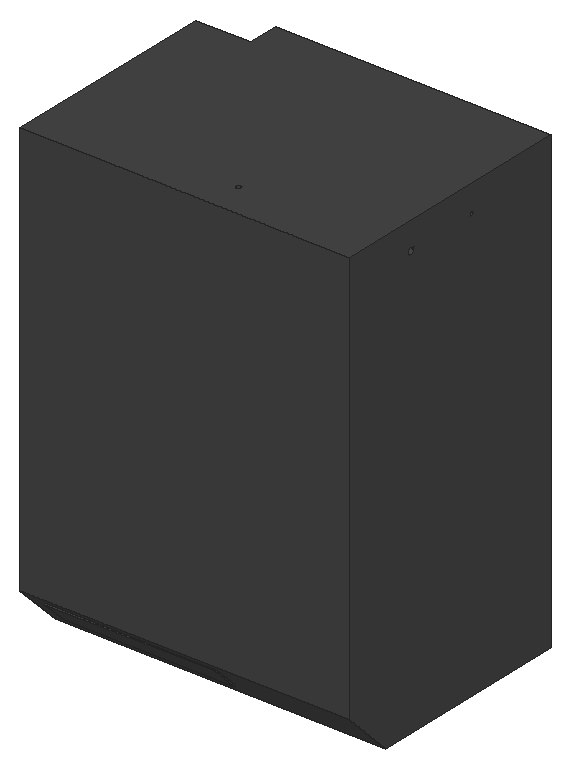
Revit family "SP4250_REVIT", category Mechanical Equipment, Revit 2014
Parameters (values of type "Standard")
  d185 = 0' - 0"
  d179 = 2' - 8.9706"
  d177 = 0' - 5 1/2"
  d175 = 0' - 0 1/2"
  d173 = 0' - 0 1/2"
  d171 = 0' - 0 1/2"
  d169 = 0' - 0 1/2"
  d167 = 0' - 0 1/2"
  d165 = 0' - 1.45"
  d163 = 0' - 1.45"
  d161 = 0' - 0 1/2"
  d159 = 0' - 0 1/2"
  d157 = 0' - 0 1/2"
  d155 = 0' - 0 1/2"
  URL = "www.neptronic.com"
  Part Number = "SP4250_REVIT"
  Model = "SK370, SK380, SK390"
  Manufacturer = "Neptronic"
  Designer = "Antoine"
  Design Status = 1
  Description = "Electric Resistive Humidifier"
  Date Created = "2014-06-26 09:19:14"
  Connector_18_Diameter = 0' - 0"
  Connector_17_Diameter = 0' - 0"
  Connector_16_Diameter = 0' - 0"
  Connector_15_Diameter = 0' - 0"
  Connector_14_Diameter = 0' - 0"
  Connector_11_Diameter = 0' - 0"
  Connector_10_Diameter = 0' - 0"
  Author = "Antoine"
Reference planes (in)
  plane 1 "Center (Front/Back)": y = 0
  plane 2: z = 0
  plane 3 "Center (Left/Right)": x = 0
  plane 4: x = -19.2353
  plane 5: x = 13.7353
  plane 6: x = -19.2353
  plane 7: x = -13.7353
  plane 8: x = 13.7353
  plane 9: x = 13.2353
  plane 10: x = 13.7353
  plane 11: x = 13.2353
  plane 12: z = 0.058
  plane 13: z = -0.442
  plane 14: x = -19.2353
  plane 15: x = -18.7353
  plane 16: x = -19.2353
  plane 17: x = -18.7353
  plane 18: y = 8.75955
  plane 19: y = 10.20955
  plane 20: y = 8.75955
  plane 21: y = 10.20955
  plane 22: y = 8.75955
  plane 23: y = 8.25955
  plane 24: y = 8.75955
  plane 25: y = 8.25955
  plane 26: z = -45.8412
  plane 27: z = -45.3412
  plane 28: z = -45.8412
  plane 29: z = -45.3412
Forms (in)
  Extrusion 1, solid
    sketch origin (-19.2353, 0, 0) x (0, -1, 0) y (0, 0, 1)
      loop
        line (8.68454, -45.8412) -> (13.18454, -41.3412) -> (13.18454, 0.058) -> (-11.8229, 0.058) -> (-11.8229, -45.8412) -> (8.68454, -45.8412)
    from 0 to -32.9706
  Extrusion 2, void
    sketch origin (-19.2353, 0, 0) x (0, -1, 0) y (0, 0, 1)
      loop
        line (-8.75955, 0.058) -> (-11.8229, 0.058) -> (-11.8229, -45.8412) -> (-8.75955, -45.8412) -> (-8.75955, 0.058)
    from 0 to -5.5
  Extrusion 3, void
    sketch origin (13.7353, 0, 0) x (0, -1, 0) y (0, 0, -1)
      loop
        circle (5.6021, 2.6972) r 0.375
    from 0 to -0.5
  Extrusion 4, void
    sketch origin (13.7353, 0, 0) x (0, -1, 0) y (0, 0, -1)
      loop
        circle (-1.9479, 2.6972) r 0.25
    from 0 to -0.5
  Extrusion 5, void
    sketch origin (0, 0, 0.058) x (-1, 0, 0) y (0, -1, 0)
      loop
        circle (0, 9.93877) r 0.25
    from 0 to -0.5
  Extrusion 6, void
    sketch origin (-19.2353, 0, 0) x (0, -1, 0) y (0, 0, 1)
      loop
        circle (5.66545, -2.69708) r 0.375
    from 0 to -0.5
  Extrusion 7, void
    sketch origin (-19.2353, 0, 0) x (0, -1, 0) y (0, 0, 1)
      loop
        circle (-1.88455, -2.69708) r 0.25
    from 0 to -0.5
  Extrusion 8, solid
    sketch origin (0, 8.75955, 0) x (-1, 0, 0) y (0, 0, 1)
      loop
        line (18.8478, -39.80485) -> (14.1228, -39.80485) -> (14.1228, -43.75485) -> (18.8478, -43.75485) -> (18.8478, -39.80485)
    from 0 to 1.45
  Extrusion 9, solid
    sketch origin (0, 8.75955, 0) x (-1, 0, 0) y (0, 0, 1)
      loop
        line (18.8478, -21.30485) -> (14.1228, -21.30485) -> (14.1228, -25.25485) -> (18.8478, -25.25485) -> (18.8478, -21.30485)
    from 0 to 1.45
  Extrusion 10, void
    sketch origin (0, 8.75955, 0) x (-1, 0, 0) y (0, 0, 1)
      loop
        circle (16.54295, -13.65185) r 0.4375
    from 0 to -0.5
  Extrusion 11, void
    sketch origin (0, 8.75955, 0) x (-1, 0, 0) y (0, 0, 1)
      loop
        circle (16.54295, -16.98285) r 0.4375
    from 0 to -0.5
  Extrusion 12, void
    sketch origin (0, 0, -45.8412) x (-1, 0, 0) y (0, -1, 0)
      loop
        circle (4.40941, -1.26327) r 1.0625
    from 0 to 0.5
  Extrusion 13, void
    sketch origin (0, 0, -45.8412) x (-1, 0, 0) y (0, -1, 0)
      loop
        circle (-4.78168, -1.26327) r 1.0625
    from 0 to 0.5
  Extrusion 14, solid
    sketch origin (-19.2353, -8.68454, -45.8412) x (1, 0, 0) y (0, -0.707107, 0.707107)
      loop
        line (19, 1.86396) -> (19, 5.36396) -> (2, 5.36396) -> (2, 1.86396) -> (19, 1.86396)
    from 0 to 0.125
Cuts and joins
  Extrusion 2, Extrusion 3, Extrusion 4, Extrusion 5, Extrusion 6, Extrusion 7, Extrusion 10, Extrusion 11, Extrusion 12, Extrusion 13 cuts Extrusion 1
  Extrusion 10, Extrusion 11, Extrusion 12, Extrusion 13 cuts Extrusion 8
  Extrusion 10, Extrusion 11, Extrusion 12, Extrusion 13 cuts Extrusion 9
  joined: Extrusion 1, Extrusion 8, Extrusion 9, Extrusion 14
Lines and regions (in)
  reference lines
    curve 1: line (-19.2353, -8.68454, -45.8412) -> (-19.2353, -13.18454, -41.3412)
    curve 2: line (-19.2353, -13.18454, 0.058) -> (-19.2353, -13.18454, -41.3412)
    curve 3: line (-19.2353, -13.18454, 0.058) -> (-19.2353, 11.8229, 0.058)
    curve 4: line (-19.2353, 11.8229, 0.058) -> (-19.2353, 11.8229, -45.8412)
    curve 5: line (-19.2353, -8.68454, -45.8412) -> (-19.2353, 11.8229, -45.8412)
    curve 6: line (-19.2353, 8.75955, 0.058) -> (-19.2353, 8.75955, -45.8412)
    curve 7: line (-19.2353, 8.75955, -45.8412) -> (-19.2353, 11.8229, -45.8412)
    curve 8: line (-19.2353, 11.8229, 0.058) -> (-19.2353, 11.8229, -45.8412)
    curve 9: line (-19.2353, 8.75955, 0.058) -> (-19.2353, 11.8229, 0.058)
    curve 10: circle (13.7353, -5.6021, -2.6972) r 0.375 normal (1, 0, 0)
    curve 11: circle (13.7353, 1.9479, -2.6972) r 0.25 normal (1, 0, 0)
    curve 12: circle (0, -9.93877, 0.058) r 0.25 normal (0, 0, 1)
    curve 13: circle (-19.2353, -5.66545, -2.69708) r 0.375 normal (-1, 0, 0)
    curve 14: circle (-19.2353, 1.88455, -2.69708) r 0.25 normal (-1, 0, 0)
    curve 15: line (-18.8478, 8.75955, -39.80485) -> (-18.8478, 8.75955, -43.75485)
    curve 16: line (-18.8478, 8.75955, -43.75485) -> (-14.1228, 8.75955, -43.75485)
    curve 17: line (-14.1228, 8.75955, -43.75485) -> (-14.1228, 8.75955, -39.80485)
    curve 18: line (-14.1228, 8.75955, -39.80485) -> (-18.8478, 8.75955, -39.80485)
    curve 19: line (-18.8478, 8.75955, -21.30485) -> (-18.8478, 8.75955, -25.25485)
    curve 20: line (-18.8478, 8.75955, -25.25485) -> (-14.1228, 8.75955, -25.25485)
    curve 21: line (-14.1228, 8.75955, -25.25485) -> (-14.1228, 8.75955, -21.30485)
    curve 22: line (-14.1228, 8.75955, -21.30485) -> (-18.8478, 8.75955, -21.30485)
    curve 23: circle (-16.54295, 8.75955, -13.65185) r 0.4375 normal (0, 1, 0)
    curve 24: circle (-16.54295, 8.75955, -16.98285) r 0.4375 normal (0, 1, 0)
    curve 25: circle (-4.40941, 1.26327, -45.8412) r 1.0625 normal (0, 0, 1)
    curve 26: circle (4.78168, 1.26327, -45.8412) r 1.0625 normal (0, 0, 1)
    curve 27: line (-0.2353, -10.00255, -44.52318) -> (-17.2353, -10.00255, -44.52318)
    curve 28: line (-17.2353, -10.00255, -44.52318) -> (-17.2353, -12.47743, -42.04831)
    curve 29: line (-17.2353, -12.47743, -42.04831) -> (-0.2353, -12.47743, -42.04831)
    curve 30: line (-0.2353, -12.47743, -42.04831) -> (-0.2353, -10.00255, -44.52318)
Dimensions and locks (in)
  "d179": plane 5 to plane 4
  "d177": plane 7 to plane 6
  "d175": plane 9 to plane 8
  "d173": plane 11 to plane 10
  "d171": plane 13 to plane 12
  "d169": plane 15 to plane 14
  "d167": plane 17 to plane 16
  "d165": plane 18 to plane 19
  "d163": plane 20 to plane 21
  "d161": plane 23 to plane 22
  "d159": plane 25 to plane 24
  "d157": plane 26 to plane 27
  "d155": plane 28 to plane 29
  aligned and locked: plane 2 to level
  aligned and locked: Extrusion 1 to plane 5
  aligned and locked: plane 4 to Extrusion 1
  aligned and locked: Extrusion 1 sketch curve to curve 1
  aligned and locked: Extrusion 1 sketch curve to curve 2
  aligned and locked: Extrusion 1 sketch curve to curve 3
  aligned and locked: Extrusion 1 sketch curve to curve 4
  aligned and locked: Extrusion 1 sketch curve to curve 5
  aligned and locked: Extrusion 2 to plane 7
  aligned and locked: plane 6 to Extrusion 2
  aligned and locked: Extrusion 2 sketch curve to curve 6
  aligned and locked: Extrusion 2 sketch curve to curve 7
  aligned and locked: Extrusion 2 sketch curve to curve 8
  aligned and locked: Extrusion 2 sketch curve to curve 9
  aligned and locked: plane 9 to Extrusion 3
  aligned and locked: Extrusion 3 to plane 8
  aligned and locked: Extrusion 3 sketch curve to curve 10  (x2)
  aligned and locked: plane 11 to Extrusion 4
  aligned and locked: Extrusion 4 to plane 10
  aligned and locked: Extrusion 4 sketch curve to curve 11  (x2)
  aligned and locked: Extrusion 5 to plane 13
  aligned and locked: plane 12 to Extrusion 5
  aligned and locked: Extrusion 5 sketch curve to curve 12  (x2)
  aligned and locked: Extrusion 6 to plane 15
  aligned and locked: plane 14 to Extrusion 6
  aligned and locked: Extrusion 6 sketch curve to curve 13  (x2)
  aligned and locked: Extrusion 7 to plane 17
  aligned and locked: plane 16 to Extrusion 7
  aligned and locked: Extrusion 7 sketch curve to curve 14  (x2)
  aligned and locked: plane 19 to Extrusion 8
  aligned and locked: Extrusion 8 to plane 18
  aligned and locked: Extrusion 8 sketch curve to curve 15
  aligned and locked: Extrusion 8 sketch curve to curve 16
  aligned and locked: Extrusion 8 sketch curve to curve 17
  aligned and locked: Extrusion 8 sketch curve to curve 18
  aligned and locked: plane 21 to Extrusion 9
  aligned and locked: Extrusion 9 to plane 20
  aligned and locked: Extrusion 9 sketch curve to curve 19
  aligned and locked: Extrusion 9 sketch curve to curve 20
  aligned and locked: Extrusion 9 sketch curve to curve 21
  aligned and locked: Extrusion 9 sketch curve to curve 22
  aligned and locked: Extrusion 10 to plane 23
  aligned and locked: plane 22 to Extrusion 10
  aligned and locked: Extrusion 10 sketch curve to curve 23  (x2)
  aligned and locked: Extrusion 11 to plane 25
  aligned and locked: plane 24 to Extrusion 11
  aligned and locked: Extrusion 11 sketch curve to curve 24  (x2)
  aligned and locked: Extrusion 12 to plane 27
  aligned and locked: plane 26 to Extrusion 12
  aligned and locked: Extrusion 12 sketch curve to curve 25  (x2)
  aligned and locked: Extrusion 13 to plane 29
  aligned and locked: Extrusion 13 to plane 28
  aligned and locked: Extrusion 13 sketch curve to curve 26  (x2)
  aligned and locked: Extrusion 14 sketch curve to curve 27
  aligned and locked: Extrusion 14 sketch curve to curve 28
  aligned and locked: Extrusion 14 sketch curve to curve 29
  aligned and locked: Extrusion 14 sketch curve to curve 30
Connectors (in)
  hvac at (4.78168, 1.26327, -45.8412), driven by "Connector_10_Diameter"
    settings: on cut or joined group 1 (Extrusion 1, Extrusion 2, Extrusion 3, Extrusion 4, Extrusion 5, Extrusion 6, Extrusion 7, Extrusion 8, Extrusion 9, Extrusion 10, Extrusion 11, Extrusion 12, Extrusion 13, Extrusion 14), index 1, duct flow 0 CFM, flow factor 0, pres drop 0.00 in-wg, loss coef 0, conn angle 0.00°, conn width 12", conn height 12", conn diameter 0", duct sys type 1, conn prof type 0, flow config 1, flow direction 2, loss method 0, conn ref index -1, conn util no, is conn primary yes, conn desc "Steam Outlet 2 1/8'' (1 of 2)"
  hvac at (-4.40941, 1.26327, -45.8412), driven by "Connector_11_Diameter"
    settings: on cut or joined group 1, index 2, duct flow 0 CFM, flow factor 0, pres drop 0.00 in-wg, loss coef 0, conn angle 0.00°, conn width 12", conn height 12", conn diameter 0", duct sys type 1, conn prof type 0, flow config 1, flow direction 2, loss method 0, conn ref index -1, conn util no, is conn primary no, conn desc "Steam Outlet 2 1/8\" (2 of 2)"
  electrical at (-16.54295, 8.75955, -16.98285)
    settings: on cut or joined group 1, index 3, voltage 0 V, apparent load 0 VA, apparent load phase1 0 VA, apparent load phase2 0 VA, apparent load phase3 0 VA, power factor 0, load classification "Other", number of poles 1, system type 30, power factor state 1, is connector primary yes, connector utility no, sub classification motor no, connector description "Power Supply inlet 7/8'' (KO)"
  electrical at (-16.54295, 8.75955, -13.65185)
    settings: on cut or joined group 1, index 4, voltage 0 V, apparent load 0 VA, apparent load phase1 0 VA, apparent load phase2 0 VA, apparent load phase3 0 VA, power factor 1, load classification "Other", number of poles 1, system type 13, power factor state 1, is connector primary no, connector utility no, sub classification motor no, connector description "Low Voltage Control Inlet 7/8\" (KO)"
  piping at (0, -9.93877, 0.058), driven by "Connector_14_Diameter"
    settings: on cut or joined group 1, index 5, connector diameter 0", connector inside diameter 24", connector length 0' - 0", flow factor 0, pipe flow 0 GPM, pressure drop 0.00 psi, fitting loss kfactor 0, connector angle 0.00°, fixture units 0, engagement length 0' - 0", angle of deflection 0.00°, flow configuration 1, flow direction 2, fitting loss method 0, system type 16, joint type 0, gender type 0, connector reference index -1, connector utility 0, adjustable connector no, is connector primary yes, connector description "Pan drip drain outlet 1/2\""
  piping at (13.7353, 1.9479, -2.6972), driven by "Connector_15_Diameter"
    settings: on cut or joined group 1, index 6, connector diameter 0", connector inside diameter 24", connector length 0' - 0", flow factor 0, pipe flow 0 GPM, pressure drop 0.00 psi, fitting loss kfactor 0, connector angle 0.00°, fixture units 0, engagement length 0' - 0", angle of deflection 0.00°, flow configuration 1, flow direction 1, fitting loss method 0, system type 20, joint type 0, gender type 0, connector reference index -1, connector utility 0, adjustable connector no, is connector primary no, connector description "Water Inlet 1/2\" Male NPT (Option)"
  piping at (13.7353, -5.6021, -2.6972), driven by "Connector_16_Diameter"
    settings: on cut or joined group 1, index 7, connector diameter 0", connector inside diameter 24", connector length 0' - 0", flow factor 0, pipe flow 0 GPM, pressure drop 0.00 psi, fitting loss kfactor 0, connector angle 0.00°, fixture units 0, engagement length 0' - 0", angle of deflection 0.00°, flow configuration 1, flow direction 2, fitting loss method 0, system type 16, joint type 0, gender type 0, connector reference index -1, connector utility 0, adjustable connector no, is connector primary no, connector description "Main drain 3/4\" (Option)"
  piping at (-19.2353, -5.66545, -2.69708), driven by "Connector_17_Diameter"
    settings: on cut or joined group 1, index 8, connector diameter 0", connector inside diameter 24", connector length 0' - 0", flow factor 0, pipe flow 0 GPM, pressure drop 0.00 psi, fitting loss kfactor 0, connector angle 0.00°, fixture units 0, engagement length 0' - 0", angle of deflection 0.00°, flow configuration 1, flow direction 2, fitting loss method 0, system type 16, joint type 0, gender type 0, connector reference index -1, connector utility 0, adjustable connector no, is connector primary no, connector description "Main drain 3/4\" (STD)"
  piping at (-19.2353, 1.88455, -2.69708), driven by "Connector_18_Diameter"
    settings: on cut or joined group 1, index 9, connector diameter 0", connector inside diameter 24", connector length 0' - 0", flow factor 0, pipe flow 0 GPM, pressure drop 0.00 psi, fitting loss kfactor 0, connector angle 0.00°, fixture units 0, engagement length 0' - 0", angle of deflection 0.00°, flow configuration 1, flow direction 1, fitting loss method 0, system type 20, joint type 0, gender type 0, connector reference index -1, connector utility 0, adjustable connector no, is connector primary no, connector description "Water Supply inlet 1/2\" Male NPT (STD)"
